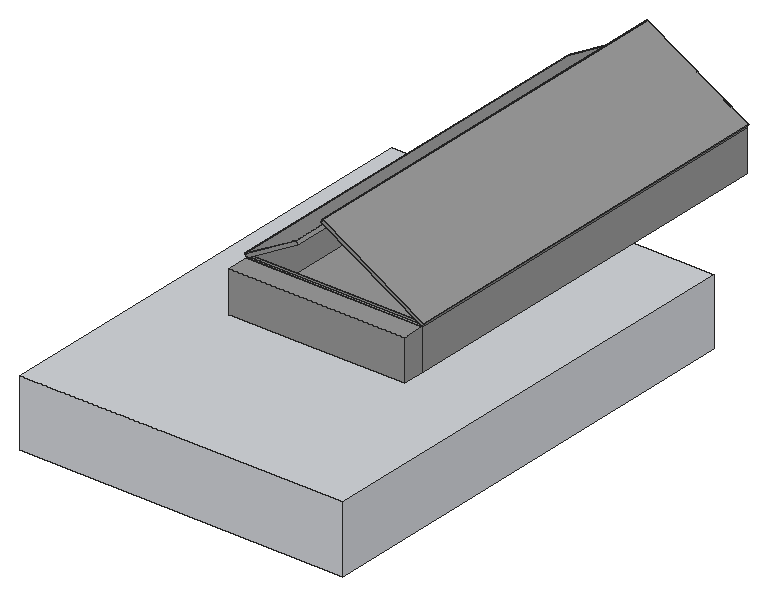
Revit family "Hager-Univers-IP54-D205-H1950-Cl.I-Encl-CH-it", category Equipement électrique, Revit 2020
Family settings
  Hôte = Face
  Configuration du panneau = Deux colonnes, circuits au sein
  Cote de connecteur circulaire = Utiliser le diamètre
  Type d'élément = Tableau de raccordement
  Couper avec des vides une fois chargée = Non
  Partagée = Non
  Point de calcul de pièce = Non
Parameters (values of type "montaggio a pavimento IP54 L800 A1950 P205  - FP23TW2")
  Width Control [instance] = if([EF000008 - Larghezza] > Min Width, [EF000008 - Larghezza], Min Width)  # 800 mm
  Commentaires du type = [HG000003 - Gamma]  # "Univers"
  Thickness Door [instance] = if([EF009171 - spessore materiale porta/coperchio] > 3 mm, 3 mm, [EF009171 - spessore materiale porta/coperchio])  # 1 mm
  Seal Frame Offset [instance] = 17 mm  # constant formula
  Plinth Visibility [instance] = [HG000027 - Altezza dello zoccolo] > 0 mm  # yes
  Model = ""
  Min Width [instance] = 100 mm  # constant formula
  Min Height [instance] = 100 mm  # constant formula
  Min Depth [instance] = (2 * [EF009170 - spessore materiale scatola]) + 1 mm  # 3 mm
  Internal Frame Depth [instance] = (Door System Depth * 0.5)  # 9 mm
  Height Control [instance] = if([EF000040 - Altezza] > Min Height, [EF000040 - Altezza], Min Height)  # 1950 mm
  HG000027 - Altezza dello zoccolo = 100 mm
  HG000026 - A pavimento = yes
  HG000024 - Altezza della sezione inferiore = 800 mm
  HG000023 - Custodia a doppia sezione = no
  HG000016 - Visibilità delle porte nella vista 3D [instance] = yes
  HG000015 - Visibilità attraverso la porta [instance] = no
  HG000014 - Porta destra [instance] = yes
  HG000013 - Porta sinistra [instance] = not([HG000014 - Porta destra])  # no
  HG000012 - Angolo di apertura della porta [instance] = 30.00°
  HG000010 - Porte asimmetriche = yes
  HG000009 - Porta doppia a battente = yes
  HG000006 - Ad incasso = no
  HG000004 - Codice produttore = "FP23TW2"
  HG000003 - Gamma = "Univers"
  HG000002 - Con porta = yes
  Frame Offset Bottom [instance] = 10 mm  # constant formula
  Frame Offset [instance] = 15 mm  # constant formula
  EF015940 - Coprire con rilascio di sovrapressione = no
  EF011959 - tipo di protezione (NEMA) = ""
  EF009554 - numero delle aperture per la piastra della flangia = 6
  Fabricant = "Hager"  # constant formula
  EF009212 - esecuzione coperchio = "EV000116 - chiuso"
  EF009171 - spessore materiale porta/coperchio = 1 mm
  EF009170 - spessore materiale scatola = 1 mm
  EF008873 - corrente nominale (In) = 400 A
  EF007800 - adatto per parafulmine = no
  EF006306 - con serratura = no
  EF006244 - coperchio/porta trasparente = no
  EF005474 - grado di protezione (IP) = "EV006419 - IP54"
  EF004464 - tipo di porta = "EV002646 - singolo"
  EF004427 - numero di moduli = 432
  EF004293 - resistenza agli urti = "EV006815 - IK09"
  EF003532 - adatto per uso esterno = no
  EF002950 - Numero moduli DIN = 36
  EF001613 - Integrità del circuito = "EV000494 - senza"
  EF001596 - Attacco Lampada = "EV000179 - acciaio"
  EF001131 - profondità interna = 205 mm
  EF001088 - possibilità di applicazione = yes
  EF000437 - numero di ingressi per conduttori = 6
  EF000339 - tipo di copertura = "EV001012 - coperchio"
  EF000266 - numero di file = 12
  EF000218 - profondità di incasso = 0 mm
  EF000118 - con piastra di montaggio = no
  EF000116 - numero RAL = "9010"
  EF000049 - profondità = 205 mm
  EF000040 - Altezza = 1950 mm
  EF000008 - Larghezza = 800 mm
  EF000007 - colore = "EV000202 - bianco"
  EF000003 - Tipo di montaggio = "EV012274 - montaggio a pavimento"
  Door System Leaf Tolerance [instance] = 1.5 mm  # constant formula
  Door System Depth [instance] = 18 mm  # constant formula
  Door Height [instance] = Height Control - [HG000027 - Altezza dello zoccolo]  # 1850 mm
  Depth Control [instance] = if([EF000049 - profondità] > Min Depth, [EF000049 - profondità], Min Depth)  # 205 mm
  Default Elevation = 0 mm
  Connector Offset [instance] = Height Control / 2  # 975 mm
  Bottom Top Plate Trim [instance] = 1.5 mm  # constant formula
  Plinth height Ctrl [instance] = if([HG000027 - Altezza dello zoccolo] > 0 mm, [HG000027 - Altezza dello zoccolo], 12 mm)  # 100 mm
Types (4, lengths in mm): name | Width Control | HG000010 - Porte asimmetriche | HG000009 - Porta doppia a battente | HG000004 - Codice produttore | EF009554 - numero delle aperture per la piastra della flangia | EF008873 - corrente nominale (In) | EF004464 - tipo di porta | EF004427 - numero di moduli | EF002950 - Numero moduli DIN | EF000437 - numero di ingressi per conduttori | EF000008 - Larghezza
  montaggio a pavimento IP54 L1300 A1950 P205  - FP25TW2 | 1300 | yes | yes | "FP25TW2" | 10 | 400 A | "EV003602 - doppio" | 720 | 60 | 10 | 1300
  montaggio a pavimento IP54 L300 A1950 P205  - FP21TW2 | 300 | no | no | "FP21TW2" | 2 | 250 A | "EV002646 - singolo" | 144 | 12 | 2 | 300
  montaggio a pavimento IP54 L550 A1950 P205  - FP22TW2 | 550 | no | no | "FP22TW2" | 4 | 400 A | "EV002646 - singolo" | 288 | 24 | 4 | 550
  montaggio a pavimento IP54 L800 A1950 P205  - FP23TW2 | 800 | yes | yes | "FP23TW2" | 6 | 400 A | "EV002646 - singolo" | 432 | 36 | 6 | 800
Reference planes
  plane 1 "Center (Front/Back)": y = 0
  plane 2: z = 0
  plane 3 "Center (Left/Right)": x = 0
  plane 4: z = 205
  plane 5: y = 101
  plane 6: y = 1025
  plane 7: y = 100
  plane 8: y = 1950
  plane 9: z = 0
  plane 10: x = -385
  plane 11: x = 385
  plane 12: x = 384
  plane 13: x = -384
  plane 14: y = 1949
  plane 15: x = -383
  plane 16: x = -400
  plane 17: x = 383
  plane 18: x = 400
  plane 19: x = 399
  plane 20: x = -399
  plane 21: y = 111
  plane 22: y = 1950
  plane 23: y = 1934
  plane 24: z = 187
  plane 25: z = 1
  plane 26: z = 186
  plane 27: z = 204
Forms (mm)
  Extrusion 1, solid
    sketch origin (0, 0, 0) x (1, 0, 0) y (0, 1, 0)
      loop
        line (-702.964, 1305) -> (-702.964, -811.445) -> (766.763, -811.445) -> (766.763, 1305) -> (-702.964, 1305)
    from 0 to -304.8
  Extrusion 2, solid, material "Hager_Steel_RAL7035_Light_Grey", visible <- "Plinth Visibility", detail levels medium+fine
    sketch origin (0, 0, 0) x (1, 0, 0) y (0, 1, 0)
      loop
        line (-400, 0) -> (400, 0) -> (400, 100) -> (-400, 100) -> (-400, 0)
    from 0 to 187
  Extrusion 3, solid, material "Hager_Steel_RAL7035_Light_Grey", detail levels medium+fine
    sketch origin (0, 0, 0) x (1, 0, 0) y (0, 1, 0)
      loop
        line (-400, 100) -> (400, 100) -> (400, 1950) -> (-400, 1950) -> (-400, 100)
    from 0 to 187
  Extrusion 4, void
    sketch origin (0, 0, 0) x (1, 0, 0) y (0, 1, 0)
      loop
        line (-399, 101) -> (399, 101) -> (399, 1949) -> (-399, 1949) -> (-399, 101)
    from 1 to 186
  Extrusion 5, void
    sketch origin (-381.607, -4572, 187) x (0, -1, 0) y (-1, 0, 0)
      loop
        line (-4683, 2.393) -> (-6506, 2.393) -> (-6506, -765.607) -> (-4683, -765.607) -> (-4683, 2.393)
    from 0 to 1 <- "EF009170 - spessore materiale scatola"
  Extrusion 6, solid, material "Hager_Steel_RAL7035_Light_Grey", detail levels fine
    sketch origin (0, 0, 187) x (1, 0, 0) y (0, 1, 0)
      loop
        line (-384, 1934) -> (-384, 111) -> (384, 111) -> (384, 1934) -> (-384, 1934)
      loop
        line (-385, 110) -> (385, 110) -> (385, 1935) -> (-385, 1935) -> (-385, 110)
    from 0 to 9 <- "Internal Frame Depth"
  Extrusion 7, solid, material "Hager_Steel_RAL7035_Light_Grey", detail levels coarse
    sketch origin (0, 0, 0) x (1, 0, 0) y (0, 1, 0)
      loop
        line (-400, 0) -> (400, 0) -> (400, 1950) -> (-400, 1950) -> (-400, 0)
    from 0 to 205
  Sweep 8, void
    path in 3D
      loop
        line (-400, 100, 0) -> (400, 100, 0) -> (400, 100, 187) -> (-400, 100, 187) -> (-400, 100, 0)
    profile origin (-400, 100, 93.5) x (-1, 0, 0) y (0, -1, 0)
      loop
        line (0, 0) -> (0, 1.5) -> (-1.5, 1.5)
        arc (-1.5, 1.5) -> (-1.061, 0.439) -> (0, 0) r 1.5
Cuts and joins
  Extrusion 4, Extrusion 5 cuts Extrusion 3
  Sweep 8 cuts Extrusion 2
Lines and regions (mm)
  Masking region 1
    outline origin (0, 0, 0) x (1, 0, 0) y (0, 0, 1)
      loop
        line (-400, 205) -> (-400, 0) -> (400, 0) -> (400, 205) -> (-400, 205)
  Masking region 2, detail levels medium+fine
    outline origin (0, 140, 0) x (0, 1, 0) y (0, 0, 1)
      loop
        line (-40, 0) -> (1810, 0) -> (1810, 187) -> (-40, 187) -> (-40, 0)
  Masking region 3, not visible, detail levels medium+fine
    outline origin (0, 297.922, 0) x (0, 1, 0) y (0, 0, 1)
      loop
        line (738.578, 0) -> (778.578, 0) -> (778.578, 194)
        arc (778.578, 194) -> (775.649, 201.071) -> (768.578, 204) r 10
        line (768.578, 204) -> (738.578, 204) -> (738.578, 0)
  Masking region 4, detail levels coarse
    outline origin (0, 0, 180) x (0, 1, 0) y (0, 0, 1)
      loop
        line (0, -180) -> (1950, -180) -> (1950, 25) -> (0, 25) -> (0, -180)
  Masking region 5, visible <- "Plinth Visibility", detail levels medium+fine
    outline origin (0, 52.24, 12.345) x (0, 0, -1) y (0, 1, 0)
      loop
        line (10.845, 47.76) -> (-173.155, 47.76)
        arc (-173.155, 47.76) -> (-173.594, 46.699) -> (-174.655, 46.26) r 1.5
        line (-174.655, 46.26) -> (-174.655, -52.24) -> (12.345, -52.24) -> (12.345, 46.26)
        arc (12.345, 46.26) -> (11.285, 46.699) -> (10.845, 47.76) r 1.5
  Masking region 6, detail levels medium+fine
    outline origin (-381.607, -4572, 187) x (-1, 0, 0) y (0, -1, 0)
      loop
        line (18.393, -6522) -> (18.393, -4672) -> (-781.607, -4672) -> (-781.607, -6522) -> (18.393, -6522)
  Masking region 7, visible <- "Plinth Visibility", detail levels medium+fine
    outline origin (-381.607, -4727, 187) x (-1, 0, 0) y (0, -1, 0)
      loop
        arc (16.893, -4827) -> (17.332, -4825.939) -> (18.393, -4825.5) r 1.5
        line (18.393, -4825.5) -> (18.393, -4727) -> (-781.607, -4727) -> (-781.607, -4825.5)
        arc (-781.607, -4825.5) -> (-780.546, -4825.939) -> (-780.107, -4827) r 1.5
        line (-780.107, -4827) -> (16.893, -4827)
  Masking region 8, detail levels coarse
    outline origin (-442.548, -4669.526, 187) x (-1, 0, 0) y (0, -1, 0)
      loop
        line (-42.548, -6619.526) -> (-42.548, -4669.526) -> (-842.548, -4669.526) -> (-842.548, -6619.526) -> (-42.548, -6619.526)
  sketch lines
    curve 1: line (-400, 100, 187) -> (-400, 100, 0)
    curve 2: line (400, 100, 187) -> (-400, 100, 187)
    curve 3: line (400, 100, 187) -> (400, 100, 0)
    curve 4: line (-400, 100, 0) -> (400, 100, 0)
Dimensions and locks
  "Depth Control": plane 4 to Extrusion 1
  "HG000027 - Altezza dello zoccolo": plane 1 "Center (Front/Back)" to plane 7
  "EF009170 - spessore materiale scatola": plane 5 to plane 7
  locked: connector elem to plane 3 "Center (Left/Right)"
  equal spacing: plane 8, plane 6, plane 7
  locked: connector elem to plane 6
  "EF009170 - spessore materiale scatola": plane 8 to plane 14
  "EF009170 - spessore materiale scatola": plane 10 to plane 13
  "EF009170 - spessore materiale scatola": plane 12 to plane 11
  "Frame Offset": plane 20 to plane 13
  "Frame Offset": plane 12 to plane 19
  "EF009170 - spessore materiale scatola": plane 16 to plane 20
  "EF009170 - spessore materiale scatola": plane 19 to plane 18
  "Seal Frame Offset": plane 16 to plane 15
  "Seal Frame Offset": plane 17 to plane 18
  "Frame Offset Bottom": plane 21 to plane 5
  "Frame Offset": plane 14 to plane 23
  equal spacing: plane 16, plane 3 "Center (Left/Right)", plane 18
  "Width Control": plane 16 to plane 18
  "EF009170 - spessore materiale scatola": plane 4 to plane 27
  "EF009170 - spessore materiale scatola": plane 24 to plane 26
  "EF009170 - spessore materiale scatola": plane 25 to level
  "Door System Depth": plane 4 to plane 24
  "Height Control": plane 1 "Center (Front/Back)" to Extrusion 7 sketch curve
  "Height Control": Masking region 4 sketch curve to plane 1 "Center (Front/Back)"
  "Height Control": plane 1 "Center (Front/Back)" to plane 22
  "Bottom Top Plate Trim": profile plane to Sweep 8 sketch curve
  "Bottom Top Plate Trim": Sweep 8 sketch curve to profile plane
  "Plinth height Ctrl": plane 1 "Center (Front/Back)" to Extrusion 2 sketch curve
  "Plinth height Ctrl": Masking region 5 sketch curve to plane 1 "Center (Front/Back)"
  "Plinth height Ctrl": plane 1 "Center (Front/Back)" to Masking region 7 sketch curve
  "Thickness Door": Extrusion 6 sketch curve to Extrusion 6 sketch curve  (x3)
  "Thickness Door": cut or joined group of Extrusion 3, Extrusion 4, Extrusion 5 to Extrusion 6 sketch curve
  radius of Masking region 3 sketch curve = 10 mm
  "Bottom Top Plate Trim": radius of Masking region 5 sketch curve  (x2)
  "Bottom Top Plate Trim": radius of Sweep 8 sketch curve
  "Bottom Top Plate Trim": radius of Masking region 7 sketch curve  (x2)
  aligned and locked: plane 2 to Extrusion 1
  aligned and locked: level to Extrusion 1
  aligned and locked: level to Masking region 1 sketch curve
  aligned and locked: Masking region 1 sketch curve to plane 18
  aligned and locked: Masking region 1 sketch curve to plane 16
  aligned and locked: plane 7 to Masking region 2 sketch curve
  aligned and locked: level to Masking region 3 sketch curve
  aligned and locked: Masking region 3 sketch curve to plane 27
  aligned and locked: level to Masking region 2 sketch curve
  aligned and locked: plane 1 "Center (Front/Back)" to Extrusion 2 sketch curve
  aligned and locked: Extrusion 3 sketch curve to plane 7
  aligned and locked: plane 16 to Extrusion 3 sketch curve
  aligned and locked: plane 18 to Extrusion 3 sketch curve
  aligned and locked: plane 20 to Extrusion 4 sketch curve
  aligned and locked: plane 19 to Extrusion 4 sketch curve
  aligned and locked: Extrusion 4 sketch curve to plane 5
  aligned and locked: Extrusion 4 to plane 25
  aligned and locked: plane 26 to Extrusion 4
  aligned and locked: plane 24 to Extrusion 3
  aligned and locked: Extrusion 5 sketch curve to plane 21
  aligned and locked: Extrusion 5 sketch curve to plane 13
  aligned and locked: Extrusion 5 sketch curve to plane 12
  aligned and locked: plane 18 to Extrusion 7 sketch curve
  aligned and locked: plane 1 "Center (Front/Back)" to Extrusion 7 sketch curve
  aligned and locked: plane 16 to Extrusion 7 sketch curve
  aligned and locked: plane 4 to Extrusion 7
  aligned and locked: Extrusion 7 to level
  aligned and locked: level to Masking region 4 sketch curve
  aligned and locked: Masking region 4 sketch curve to plane 1 "Center (Front/Back)"
  aligned and locked: Masking region 4 sketch curve to plane 4
  aligned and locked: nested 1 to level
  aligned and locked: nested 1 to plane 16
  aligned and locked: plane 8 to Extrusion 3 sketch curve
  aligned and locked: plane 23 to Extrusion 5 sketch curve
  aligned and locked: plane 14 to Extrusion 4 sketch curve
  aligned and locked: Masking region 2 sketch curve to plane 8
  aligned and locked: level to Masking region 5 sketch curve
  aligned and locked: plane 16 to Extrusion 2 sketch curve
  aligned and locked: plane 18 to Extrusion 2 sketch curve
  aligned and locked: Masking region 5 sketch curve to plane 24
  aligned and locked: Masking region 2 sketch curve to plane 24
  aligned and locked: plane 24 to Extrusion 2
  aligned and locked: profile plane to Sweep 8 sketch curve  (x2)
  aligned and locked: Masking region 6 sketch curve to plane 18
  aligned and locked: Masking region 6 sketch curve to plane 22
  aligned and locked: Masking region 6 sketch curve to plane 16
  aligned and locked: plane 8 to plane 22
  aligned and locked: Masking region 6 sketch curve to plane 7
  aligned and locked: Masking region 7 sketch curve to plane 16
  aligned and locked: Masking region 7 sketch curve to plane 1 "Center (Front/Back)"
  aligned and locked: Masking region 7 sketch curve to plane 18
  aligned and locked: Masking region 8 sketch curve to plane 1 "Center (Front/Back)"
  aligned and locked: Masking region 8 sketch curve to plane 18
  aligned and locked: Masking region 8 sketch curve to plane 22
  aligned and locked: Masking region 8 sketch curve to plane 16
  aligned and locked: nested 2 to plane 7
  aligned and locked: plane 3 "Center (Left/Right)" to nested 2
  aligned and locked: nested 2 to plane 24
  aligned and locked: Extrusion 6 sketch curve to cut or joined group of Extrusion 3, Extrusion 4, Extrusion 5  (x4)
Automatic sketch dimensions
  Extrusion 1 sketch curve to Extrusion 1 sketch curve = 1469.727 mm
  Extrusion 1 sketch curve to Extrusion 1 sketch curve = 2116.445 mm
  Masking region 1 sketch curve to plane 4 = 0 mm
  plane 6 to Masking region 3 sketch curve = 11.5 mm
  Masking region 3 sketch curve to Masking region 3 sketch curve = 30 mm
  Masking region 5 sketch curve to plane 1 "Center (Front/Back)" = 0 mm
Nested families
  nested 1: "Hager_Enclosure_Symbol" at (-400, 0, 0) x (1, 0, 0) z (0, -1, 0), Height <- "Depth Control", Width <- "Width Control", type "Hager_Enclosure_Symbol"
    with Width_Ctrl 800 mm, Width 800 mm, Height_Ctrl 205 mm, Height 205 mm, A_Width_Int 13.453 mm, A_Width 161.438 mm, A_Height_Ctrl 179.375 mm, A_Height 179.375 mm
  nested 2: "EC000058_Univers_Door" at (0, 100, 187) x (1, 0, 0) z (0, 1, 0), Leaf_Tolerance <- "Door System Leaf Tolerance", Angle <- "HG000012 - Angolo di apertura della porta", Door_Depth <- "Door System Depth", Door_Left <- "HG000013 - Porta sinistra", Transparent <- "EF006244 - coperchio/porta trasparente", Assymetrical <- "HG000010 - Porte asimmetriche", Width <- "Width Control", Clearance <- "HG000015 - Visibilità attraverso la porta", Double <- "HG000009 - Porta doppia a battente", 3d_Door <- "HG000016 - Visibilità delle porte nella vista 3D", Lock_Visibility <- "EF006306 - con serratura", Width_Ctrl <- "Width Control", Door_Right <- "HG000014 - Porta destra", Door <- "HG000002 - Con porta", Height <- "Door Height", Thickness <- "Thickness Door", type "EC000058_Univers_Door", detail levels medium+fine
    with min_wh 3 mm, Width_Ctrl 800 mm, Width 800 mm, Transparent no, Thickness 1 mm, Seal_Material Hager_Rubber, Lock_Visibility no, Lock_Material Hager_Plastic_RAL9005_Jet_Black, Leaf_Width 800 mm, Leaf_Tolerance_External_Sides 0 mm, Leaf_Tolerance 1.5 mm, Leaf_Offset 0 mm, Leaf_Height 1847 mm, Leaf_2_Width 532.583 mm, Leaf_2_Offset 266.292 mm, Leaf_1_Width 265.917 mm, Leaf_1_Offset 132.958 mm, Height_Ctrl 1850 mm, Height 1850 mm, Glass_Material Hager_Glass, Double_Clearance_Ctrl no, Double yes, Door_Right_Ctrl yes, Door_Right yes, Door_Material Hager_Steel_RAL7035_Light_Grey, Door_Left_Ctrl yes, Door_Left no, Door_Depth 18 mm, Door yes, Clearance_Material Hager_Clearance, Clearance_Depth 532.583 mm, Clearance_Ctrl no, Clearance no, Assymetrical yes, Angle 30.00°, 3d_Door yes
Connectors
  electrical at (0, 1025, 0)
    settings: on plane 9, index 1, voltage 0 V, apparent load 0 VA, apparent load phase1 0 VA, apparent load phase2 0 VA, apparent load phase3 0 VA, power factor 1, load classification "Other", number of poles 1, system type 30, power factor state 1, is connector primary yes, connector utility no, sub classification motor no, connector description ""
Definition of nested family "EC000058_Univers_Door"
  Parameters (values of type "EC000058_Univers_Door")
    min_wh [instance] = (2 * Thickness) + 1 mm  # 11 mm
    Width_Ctrl [instance] = 400 mm
    Width [instance] = 500 mm
    Transparent [instance] = yes
    Thickness [instance] = 5 mm
    Seal_Material [instance] = none
    Lock_Visibility [instance] = yes
    Lock_Material [instance] = none
    Leaf_Width [instance] = if((Width_Ctrl - 2 * Leaf_Tolerance_External_Sides) > 0 mm, (Width_Ctrl - 2 * Leaf_Tolerance_External_Sides), min_wh)  # 400 mm
    Leaf_Tolerance_External_Sides [instance] = 0 mm  # constant formula
    Leaf_Tolerance [instance] = 1.5 mm
    Leaf_Offset [instance] = 0 mm  # constant formula
    Leaf_Height [instance] = if((Height_Ctrl - 2 * Leaf_Tolerance) > 0 mm, (Height_Ctrl - 2 * Leaf_Tolerance), min_wh)  # 497 mm
    Leaf_2_Width [instance] = if(and(and(Double, Assymetrical), Door_Left), (Leaf_Width / 3) - (Leaf_Tolerance / 2), if(and(and(Double, Assymetrical), Door_Right), (Leaf_Width / 3) * 2 - (Leaf_Tolerance / 2), if(and(Double, not(Assymetrical)), (Leaf_Width / 2) - Leaf_Tolerance, Leaf_Width)))  # 400 mm
    Leaf_2_Offset [instance] = if(and(Double, Assymetrical), Leaf_2_Width / 2, if(and(Double, not(Assymetrical)), Leaf_Width / 4, Leaf_Width / 2))  # 200 mm
    Leaf_1_Width [instance] = if(and(and(Double, Assymetrical), Door_Right), (Leaf_Width / 3) - (Leaf_Tolerance / 2), if(and(and(Double, Assymetrical), Door_Left), (Width / 3) * 2 - (Leaf_Tolerance / 2), if(and(Double, not(Assymetrical)), (Leaf_Width / 2) - Leaf_Tolerance, Leaf_Width)))  # 400 mm
    Leaf_1_Offset [instance] = if(and(Double, Assymetrical), Leaf_1_Width / 2, if(and(Double, not(Assymetrical)), Leaf_Width / 4, Leaf_Width / 2))  # 200 mm
    Height_Ctrl [instance] = if(Height > min_wh, Height, min_wh)  # 500 mm
    Height [instance] = 500 mm
    Glass_Material [instance] = none
    Double_Clearance_Ctrl [instance] = and(Double, Clearance)  # no
    Double [instance] = no
    Door_Right_Ctrl [instance] = and(or(Door_Right, Double), Door)  # yes
    Door_Right [instance] = yes
    Door_Material [instance] = none
    Door_Left_Ctrl [instance] = and(or(Door_Left, Double), Door)  # no
    Door_Left [instance] = no
    Door_Depth [instance] = 30 mm
    Door [instance] = yes
    Default Elevation = 1219.2 mm
    Clearance_Material [instance] = none
    Clearance_Depth [instance] = if(Leaf_1_Width > Leaf_2_Width, Leaf_1_Width, Leaf_2_Width)  # 400 mm
    Clearance_Ctrl [instance] = and(not(Double), Clearance)  # yes
    Clearance [instance] = yes
    Assymetrical [instance] = yes
    Angle [instance] = 30.00°
    3d_Door [instance] = yes
  Reference planes
    plane 1 "Center (Front/Back)": y = 0
    plane 2 "Bottom": z = 0
    plane 3 "Center (Left/Right)": x = 0
    plane 4: z = 500
    plane 5: x = -200
    plane 6: x = 200
    plane 7: z = 500
    plane 8: x = -200
    plane 9: z = 0
    plane 10: x = 200
    plane 11: y = 0
    plane 12: z = 1.5
    plane 13: x = -600
    plane 14: y = -400
    plane 15: x = 600
    plane 16: x = 0
    plane 17: x = 0
    plane 18: x = -200
    plane 19: x = 200
    plane 20: z = 498.5
  Forms (mm)
    Extrusion 1, solid, material <- "Clearance_Material", visible <- "Double_Clearance_Ctrl"
      sketch origin (1200, 0, 0) x (1, 0, 0) y (0, 0, -1)
        loop
          line (-1800, -498.5) -> (-600, -498.5) -> (-600, 0) -> (-1800, 0) -> (-1800, -498.5)
      from 0 to -400
  Dimensions and locks
    equal spacing: plane 5, plane 3 "Center (Left/Right)", plane 6
    "Width_Ctrl": plane 5 to plane 6
    "Leaf_Offset": plane 5 to plane 8
    "Leaf_Offset": plane 6 to plane 10
    "Leaf_Offset": plane 9 to level
    "Leaf_Offset": plane 4 to plane 7
    "Height_Ctrl": plane 4 to level
    "Leaf_Tolerance": plane 12 to plane 9
    locked: plane 11 to plane 1 "Center (Front/Back)"
    "Leaf_1_Offset": plane 18 to plane 16
    "Leaf_2_Offset": plane 17 to plane 19
    "Leaf_1_Width": plane 13 to plane 8
    "Leaf_2_Width": plane 10 to plane 15
    "Clearance_Depth": plane 14 to plane 1 "Center (Front/Back)"
    "Leaf_Tolerance_External_Sides": plane 8 to plane 18
    "Leaf_Tolerance_External_Sides": plane 19 to plane 10
    "Leaf_Tolerance": plane 7 to plane 20
    aligned and locked: level to plane 2 "Bottom"
    aligned and locked: nested 1 to plane 16
    aligned and locked: nested 2 to plane 17
    aligned and locked: Extrusion 1 to plane 13
    aligned and locked: plane 15 to Extrusion 1
    aligned and locked: Extrusion 1 to plane 14
    aligned and locked: plane 12 to nested 1
    aligned and locked: nested 2 to plane 12
    aligned and locked: Extrusion 1 to plane 11
    aligned and locked: plane 20 to Extrusion 1
    aligned and locked: nested 2 to plane 11
    aligned and locked: nested 1 to plane 11
  Automatic sketch dimensions
    Extrusion 1 sketch curve to level = 0 mm
    plane 5 to Extrusion 1 sketch curve = 400 mm
    plane 6 to Extrusion 1 sketch curve = 400 mm
    Extrusion 1 sketch curve to plane 4 = 1.5 mm
  Nested families
    nested 1: "EC000058_Univers_Door_Leaf" at (0, 0, 1.5), Width <- "Leaf_1_Width", visible <- "Door_Left_Ctrl", Leaf_Height <- "Leaf_Height", Angle <- "Angle", 3d_Door <- "3d_Door", Transparent <- "Transparent", Clearance Material <- "Clearance_Material", Clearance <- "Clearance_Ctrl", Door_Material <- "Door_Material", Glass_Material <- "Glass_Material", Door_Depth <- "Door_Depth", Lock_Material <- "Lock_Material", Seal_Material <- "Seal_Material", Lock_Visibility <- "Lock_Visibility", Thickness <- "Thickness", type "EC000058_Univers_Door_Leaf"
      with Width 400 mm, Transparent_Glass_Offset 30 mm, Transparent_Ctrl yes, Transparent yes, Thickness 5 mm, Standard no, Seal_Material none, Seal_D2 8 mm, Seal_D1 1 mm, Offset_Internal_Frame 10 mm, Lock_Width 20 mm, Lock_Visibility_3d yes, Lock_Visibility yes, Lock_Thickness_3 3 mm, Lock_Thickness_2 1 mm, Lock_Thickness_1 3 mm, Lock_Radius_Offset_2 16 mm, Lock_Radius_Offset_1 15 mm, Lock_Radius_2 5 mm, Lock_Radius 6 mm, Lock_Offset 5 mm, Lock_Material none, Lock_Height 80 mm, Lock_Cover_Top_Offset_2d 17 mm, Lock_Cover_Height -65 mm, Leaf_Height 497 mm, Internal_Seal_Thickness 8 mm, Internal_Seal_Depth_2 4.5 mm, Internal_Frame_Depth 25 mm, Glass_Thickness -1 mm, Glass_Offset -2 mm, Glass_Material none, Door_Material none, Door_Depth 30 mm, Clearance Material none, Clearance yes, Angle_Ctrl 30.00°, Angle 30.00°, 3d_Door yes
    nested 2: "EC000058_Univers_Door_Leaf" at (0, 0, 1.5) x (-1, 0, 0) z (0, 0, 1), Width <- "Leaf_2_Width", visible <- "Door_Right_Ctrl", Leaf_Height <- "Leaf_Height", Angle <- "Angle", 3d_Door <- "3d_Door", Transparent <- "Transparent", Clearance Material <- "Clearance_Material", Clearance <- "Clearance_Ctrl", Door_Material <- "Door_Material", Glass_Material <- "Glass_Material", Door_Depth <- "Door_Depth", Lock_Material <- "Lock_Material", Seal_Material <- "Seal_Material", Lock_Visibility <- "Lock_Visibility", Thickness <- "Thickness", type "EC000058_Univers_Door_Leaf"
      with Width 400 mm, Transparent_Glass_Offset 30 mm, Transparent_Ctrl yes, Transparent yes, Thickness 5 mm, Standard no, Seal_Material none, Seal_D2 8 mm, Seal_D1 1 mm, Offset_Internal_Frame 10 mm, Lock_Width 20 mm, Lock_Visibility_3d yes, Lock_Visibility yes, Lock_Thickness_3 3 mm, Lock_Thickness_2 1 mm, Lock_Thickness_1 3 mm, Lock_Radius_Offset_2 16 mm, Lock_Radius_Offset_1 15 mm, Lock_Radius_2 5 mm, Lock_Radius 6 mm, Lock_Offset 5 mm, Lock_Material none, Lock_Height 80 mm, Lock_Cover_Top_Offset_2d 17 mm, Lock_Cover_Height -65 mm, Leaf_Height 497 mm, Internal_Seal_Thickness 8 mm, Internal_Seal_Depth_2 4.5 mm, Internal_Frame_Depth 25 mm, Glass_Thickness -1 mm, Glass_Offset -2 mm, Glass_Material none, Door_Material none, Door_Depth 30 mm, Clearance Material none, Clearance yes, Angle_Ctrl 30.00°, Angle 30.00°, 3d_Door yes
  Definition of nested family "EC000058_Univers_Door_Leaf"
    Parameters (values of type "EC000058_Univers_Door_Leaf")
      Width [instance] = 2000 mm
      Transparent_Glass_Offset [instance] = 30 mm
      Transparent_Ctrl [instance] = and(Transparent, [3d_Door])  # yes
      Transparent [instance] = yes
      Thickness [instance] = 5 mm
      Standard [instance] = and(not(Transparent), [3d_Door])  # no
      Seal_Material [instance] = none
      Seal_D2 [instance] = 8 mm  # constant formula
      Seal_D1 [instance] = 1 mm  # constant formula
      Offset_Internal_Frame [instance] = 10 mm  # constant formula
      Lock_Width [instance] = 20 mm  # constant formula
      Lock_Visibility_3d [instance] = and(Lock_Visibility, [3d_Door])  # yes
      Lock_Visibility [instance] = yes
      Lock_Thickness_3 [instance] = 3 mm  # constant formula
      Lock_Thickness_2 [instance] = 1 mm  # constant formula
      Lock_Thickness_1 [instance] = 3 mm  # constant formula
      Lock_Radius_Offset_2 [instance] = Lock_Radius_Offset_1 + 1 mm  # 16 mm
      Lock_Radius_Offset_1 [instance] = 15 mm  # constant formula
      Lock_Radius_2 [instance] = Lock_Radius - 1 mm  # 5 mm
      Lock_Radius [instance] = 6 mm  # constant formula
      Lock_Offset [instance] = 5 mm  # constant formula
      Lock_Material [instance] = none
      Lock_Height [instance] = 80 mm  # constant formula
      Lock_Cover_Top_Offset_2d [instance] = Lock_Radius_Offset_2 + 1 mm  # 17 mm
      Lock_Cover_Height [instance] = -(Lock_Height - Lock_Radius_Offset_1)  # -65 mm
      Leaf_Height [instance] = 2720.336 mm
      Internal_Seal_Thickness [instance] = 8 mm  # constant formula
      Internal_Seal_Depth_2 [instance] = 4.5 mm  # constant formula
      Internal_Frame_Depth [instance] = if(Door_Depth - Thickness > 5 mm, Door_Depth - Thickness, 5 mm)  # 25 mm
      Glass_Thickness [instance] = if(Thickness > 15 mm, Glass_Offset + 10 mm, -1 mm)  # -1 mm
      Glass_Offset [instance] = if(Thickness > 15 mm, -(Thickness + 10 mm) / 2, -2 mm)  # -2 mm
      Glass_Material [instance] = none
      Door_Material [instance] = none
      Door_Depth [instance] = 30 mm
      Default Elevation = 0 mm
      Clearance Material [instance] = none
      Clearance [instance] = yes
      Angle_Ctrl [instance] = if(Angle > 180.00°, 180.00°, Angle)  # 90.00°
      Angle [instance] = 90.00°
      3d_Door [instance] = yes
    Reference planes
      plane 1 "Center (Front/Back)": y = 0
      plane 2: z = 0
      plane 3 "Center (Left/Right)": x = 0
      plane 4: y = 2000
      plane 5: x = -1000
      plane 6: x = 1000
      plane 7: x = -3000
      plane 8: z = 2720.336
      plane 9: z = 30
      plane 10: z = 2690.336
      plane 11: x = 970
      plane 12: x = -970
      plane 13: y = -3
      plane 14: z = 107.833
      plane 15: y = -5
      plane 16: y = -223.314
      plane 17: x = -1000
      plane 18: z = 1360.168
      plane 19: y = 30
    Forms (mm)
      Extrusion 1, solid, material <- "Clearance Material", visible <- "Clearance"
        sketch origin (0, 0, 0) x (1, 0, 0) y (0, 0, 1)
          loop
            line (-3000, 2720.336) -> (-3000, 0) -> (1000, 0) -> (1000, 2720.336) -> (-3000, 2720.336)
        from 0 to -2000
      Extrusion 2, solid, material <- "Door_Material", visible <- "Standard", detail levels medium+fine
        sketch origin (-1000, 0, 0) x (0, 1, 0) y (-1, 0, 0)
          loop
            line (0, 30) -> (0, 25) -> (2000, 25) -> (2000, 30) -> (0, 30)
        from 0 to 2720.336 <- "Leaf_Height"
      Extrusion 3, solid, material <- "Door_Material", visible <- "Transparent_Ctrl", detail levels medium+fine
        sketch origin (-1000, 0, 0) x (0, 1, 0) y (-1, 0, 0)
          loop
            line (0, 25) -> (2000, 25) -> (2000, 30) -> (0, 30) -> (0, 25)
        from 0 to 2720.336 <- "Leaf_Height"
      Extrusion 4, void
        sketch origin (-1025, 2000, 0) x (0, 1, 0) y (0, 0, -1)
          loop
            line (-30, -2690.336) -> (-30, -30) -> (-1970, -30) -> (-1970, -2690.336) -> (-30, -2690.336)
        from 0 to 5 <- "Thickness"
      Sweep 5, solid, material <- "Seal_Material", visible <- "Transparent_Ctrl", detail levels fine
        path in 3D
          loop
            line (-1025, 30, 30) -> (-1025, 30, 2690.336) -> (-1025, 1970, 2690.336) -> (-1025, 1970, 30) -> (-1025, 30, 30)
        profile origin (-1025, 1000, 30) x (1, 0, 0) y (0, 0, 1)
          loop
            line (0, 0) -> (0, -8) -> (1, -8) -> (1, 0) -> (0, 0)
      Extrusion 6, solid, material <- "Glass_Material", visible <- "Transparent_Ctrl", detail levels medium+fine
        sketch origin (-1030, 0, 0) x (0, 1, 0) y (0, 0, -1)
          loop
            line (1970, -2690.336) -> (1970, -30) -> (30, -30) -> (30, -2690.336) -> (1970, -2690.336)
        from -2 <- "Glass_Offset" to -1 <- "Glass_Thickness"
      Extrusion 7, solid, material <- "Door_Material", visible <- "3d_Door", detail levels medium+fine
        sketch origin (-1025, 2000, 0) x (0, -1, 0) y (0, 0, -1)
          loop
            line (0, -2720.336) -> (2000, -2720.336) -> (2000, 0) -> (0, 0) -> (0, -2720.336)
          loop
            line (1995, -5) -> (5, -5) -> (5, -2715.336) -> (1995, -2715.336) -> (1995, -5)
        from 0 to 25 <- "Internal_Frame_Depth"
      Sweep 8, solid, material <- "Seal_Material", visible <- "Transparent_Ctrl", detail levels fine
        path in 3D
          loop
            line (-1025, 0, 0) -> (-1025, 2000, 0) -> (-1025, 2000, 2720.336) -> (-1025, 0, 2720.336) -> (-1025, 0, 0)
        profile origin (-1025, 0, 1360.168) x (1, 0, 0) y (0, 1, 0)
          loop
            line (0, 10) -> (2.975, 10)
            arc (2.975, 10) -> (4.053, 10.447) -> (4.5, 11.525) r 1.525
            line (4.5, 11.525) -> (4.5, 16.527)
            arc (4.5, 16.527) -> (4.069, 17.569) -> (3.027, 18) r 1.473
            line (3.027, 18) -> (0, 18) -> (0, 10)
      Extrusion 9, solid, material <- "Lock_Material", visible <- "Lock_Visibility_3d", detail levels fine
        sketch origin (-1030, 0, 0) x (0, 1, 0) y (0, 0, -1)
          loop
            arc (1993.5, -1400.168) -> (1994.561, -1399.729) -> (1995, -1398.668) r 1.5
            line (1995, -1398.668) -> (1995, -1320.168) -> (1975, -1320.168) -> (1975, -1398.668)
            arc (1975, -1398.668) -> (1975.439, -1399.729) -> (1976.5, -1400.168) r 1.5
            line (1976.5, -1400.168) -> (1993.5, -1400.168)
        from 3 <- "Lock_Thickness_1" to 0
      Blend 10, solid, material <- "Lock_Material", visible <- "Lock_Visibility_3d", detail levels fine
        base sketch origin (-1033, 0, 0) x (0, 1, 0) y (0, 0, -1)
          loop
            line (1975, -1320.168) -> (1975, -1398.668)
            arc (1975, -1398.668) -> (1975.439, -1399.729) -> (1976.5, -1400.168) r 1.5
            line (1976.5, -1400.168) -> (1993.5, -1400.168)
            arc (1993.5, -1400.168) -> (1994.561, -1399.729) -> (1995, -1398.668) r 1.5
            line (1995, -1398.668) -> (1995, -1320.168) -> (1975, -1320.168)
        top sketch origin (-1033, 0, 0) x (0, 1, 0) y (0, 0, -1)
          loop
            line (1976, -1320.168) -> (1976, -1398.668)
            arc (1976, -1398.668) -> (1976.146, -1399.022) -> (1976.5, -1399.168) r 0.5
            line (1976.5, -1399.168) -> (1993.5, -1399.168)
            arc (1993.5, -1399.168) -> (1993.854, -1399.022) -> (1994, -1398.668) r 0.5
            line (1994, -1398.668) -> (1994, -1320.168) -> (1976, -1320.168)
        from 0 to 1 <- "Lock_Thickness_2"
      Blend 11, solid, material <- "Lock_Material", visible <- "Lock_Visibility_3d", detail levels fine
        base sketch origin (-1034, 0, 0) x (0, 1, 0) y (0, 0, -1)
          loop
            line (1978, -1320.168) -> (1978, -1384.168)
            arc (1978, -1384.168) -> (1985, -1391.168) -> (1992, -1384.168) r 7
            line (1992, -1384.168) -> (1992, -1320.168) -> (1978, -1320.168)
        top sketch origin (-1034, 0, 0) x (0, 1, 0) y (0, 0, -1)
          loop
            line (1991, -1320.168) -> (1979, -1320.168) -> (1979, -1383.168)
            arc (1979, -1383.168) -> (1985, -1389.168) -> (1991, -1383.168) r 6
            line (1991, -1383.168) -> (1991, -1320.168)
        from 0 to 3 <- "Lock_Thickness_3"
      Extrusion 12, solid, material <- "Lock_Material", visible <- "Lock_Visibility_3d", detail levels fine
        sketch origin (-1030, 1975, 1320.168) x (1, 0, 0) y (0, -1, 0)
          loop
            line (-7, -19) -> (-7, -1) -> (0, -1) -> (0, 0) -> (-8, 0) -> (-8, -20) -> (0, -20) -> (0, -19) -> (-7, -19)
        from 0 to -65 <- "Lock_Cover_Height"
      Extrusion 13, void
        sketch origin (-1038, 1995, 1320.168) x (-1, 0, 0) y (0, 0, -1)
          loop
            line (-5, -65) -> (0, -65) -> (-5, -60) -> (-5, -65)
        from 0 to 20 <- "Lock_Width"
      Extrusion 14, void
        sketch origin (-1038, 1975, 1320.168) x (0, -1, 0) y (0, 0, -1)
          loop
            circle (-10, -15.995) r 6
          loop
            circle (-10, -15.995) r 5
        from 0 to 2
      Extrusion 15, solid, material <- "Lock_Material", visible <- "Lock_Visibility_3d", detail levels medium
        sketch origin (-1030, 0, 0) x (0, 1, 0) y (0, 0, -1)
          loop
            arc (1993.5, -1400.168) -> (1994.561, -1399.729) -> (1995, -1398.668) r 1.5
            line (1995, -1398.668) -> (1995, -1320.168) -> (1975, -1320.168) -> (1975, -1398.668)
            arc (1975, -1398.668) -> (1975.439, -1399.729) -> (1976.5, -1400.168) r 1.5
            line (1976.5, -1400.168) -> (1993.5, -1400.168)
        from 8 to 0
    Cuts and joins
      Extrusion 4 cuts Extrusion 3
      Extrusion 13, Extrusion 14 cuts Extrusion 9
      Extrusion 14 cuts Blend 11
      Extrusion 13, Extrusion 14 cuts Extrusion 12
      joined: Extrusion 9, Blend 10, Blend 11, Extrusion 12
      Extrusion 14 cuts Extrusion 15
    Lines and regions (mm)
      Masking region 1, visible <- "Lock_Visibility", detail levels fine
        outline origin (0, 0, 0) x (0, 1, 0) y (0, 0, 1)
          loop
            line (30, 1320.168) -> (33, 1320.168) -> (33, 1400.168) -> (30, 1400.168) -> (30, 1320.168)
      Masking region 2, visible <- "Lock_Visibility", detail levels fine
        outline origin (0, 3.143, 0) x (0, 1, 0) y (0, 0, 1)
          loop
            line (29.857, 1354.168) -> (30.857, 1354.168) -> (30.857, 1366.168) -> (29.857, 1366.168) -> (29.857, 1354.168)
      Masking region 3, detail levels medium+fine
        outline origin (0, 0, 0) x (0, 1, 0) y (0, 0, 1)
          loop
            line (0, 0) -> (30, 0) -> (30, 2720.336) -> (0, 2720.336) -> (0, 0)
      Masking region 4, detail levels medium+fine
        outline origin (0, 0, 0) x (1, 0, 0) y (0, 0, 1)
          loop
            line (-1000, 2720.336) -> (-1000, 0) -> (1000, 0) -> (1000, 2720.336) -> (-1000, 2720.336)
      Masking region 5, visible <- "Lock_Visibility", detail levels fine
        outline origin (-47.116, 0, 0) x (1, 0, 0) y (0, 0, 1)
          loop
            arc (1024.616, 1399.168) -> (1023.556, 1398.729) -> (1023.116, 1397.668) r 1.5
            line (1023.116, 1397.668) -> (1023.116, 1320.168) -> (1041.116, 1320.168) -> (1041.116, 1397.668)
            arc (1041.116, 1397.668) -> (1040.677, 1398.729) -> (1039.616, 1399.168) r 1.5
            line (1039.616, 1399.168) -> (1024.616, 1399.168)
      Masking region 6, visible <- "Lock_Visibility", detail levels medium+fine
        outline origin (-25, 0, 0) x (1, 0, 0) y (0, 0, 1)
          loop
            arc (1001.5, 1400.168) -> (1000.439, 1399.729) -> (1000, 1398.668) r 1.5
            line (1000, 1398.668) -> (1000, 1320.168) -> (1020, 1320.168) -> (1020, 1398.668)
            arc (1020, 1398.668) -> (1019.561, 1399.729) -> (1018.5, 1400.168) r 1.5
            line (1018.5, 1400.168) -> (1001.5, 1400.168)
      Masking region 7, visible <- "Lock_Visibility", detail levels fine
        outline origin (-73.735, 0, 0) x (1, 0, 0) y (0, 0, 1)
          loop
            line (1051.735, 1382.168) -> (1065.735, 1382.168) -> (1065.735, 1384.168)
            arc (1065.735, 1384.168) -> (1058.735, 1391.168) -> (1051.735, 1384.168) r 7
            line (1051.735, 1384.168) -> (1051.735, 1382.168)
      Masking region 8, visible <- "Lock_Visibility", detail levels fine
        outline origin (-73.735, 0, 0) x (1, 0, 0) y (0, 0, 1)
          loop
            line (1052.735, 1382.168) -> (1064.735, 1382.168) -> (1064.735, 1383.168)
            arc (1064.735, 1383.168) -> (1058.735, 1389.168) -> (1052.735, 1383.168) r 6
            line (1052.735, 1383.168) -> (1052.735, 1382.168)
      Masking region 9, visible <- "Lock_Visibility", detail levels fine
        outline origin (-25, 0, 0) x (1, 0, 0) y (0, 0, 1)
          loop
            line (1020, 1320.168) -> (1020, 1382.168) -> (1000, 1382.168) -> (1000, 1320.168) -> (1020, 1320.168)
      Masking region 10, detail levels medium+fine
        outline origin (0, 0, 0) x (1, 0, 0) y (0, 0, 1)
          loop
            circle (985, 1335.144) r 6
      Masking region 11, detail levels fine
        outline origin (0, 0, 0) x (1, 0, 0) y (0, 0, 1)
          loop
            circle (985, 1335.144) r 5
      Masking region 12, visible <- "Lock_Visibility", detail levels fine
        outline origin (0, 12.767, 0) x (0, 1, 0) y (0, 0, 1)
          loop
            line (20.233, 1320.168) -> (21.233, 1320.168) -> (21.233, 1399.168) -> (20.233, 1400.168) -> (20.233, 1320.168)
      Masking region 13, visible <- "Lock_Visibility", detail levels fine
        outline origin (0, 13.767, -10) x (0, 1, 0) y (0, 0, 1)
          loop
            line (20.233, 1330.168) -> (23.233, 1330.168) -> (23.233, 1399.168) -> (20.233, 1402.168) -> (20.233, 1330.168)
      Masking region 14, visible <- "Lock_Visibility", detail levels fine
        outline origin (0, 12.767, -10) x (0, 1, 0) y (0, 0, 1)
          loop
            line (20.233, 1330.168) -> (25.233, 1330.168) -> (25.233, 1399.305) -> (20.233, 1394.305) -> (20.233, 1330.168)
      Masking region 15, visible <- "Lock_Visibility", detail levels medium
        outline origin (0, 0, 0) x (0, 1, 0) y (0, 0, 1)
          loop
            line (30, 1320.168) -> (38, 1320.168) -> (38, 1400.168) -> (30, 1400.168) -> (30, 1320.168)
      Masking region 16, visible <- "Lock_Visibility", detail levels fine
        outline origin (-1000, 0, 0) x (0, 1, 0) y (-1, 0, 0)
          loop
            line (1975, 30) -> (1995, 30) -> (1995, 38) -> (1975, 38) -> (1975, 30)
          loop
            line (1979, 37) -> (1976, 37) -> (1976, 34) -> (1978, 34) -> (1979, 37)
          loop
            line (1994, 37) -> (1991, 37) -> (1992, 34) -> (1994, 34) -> (1994, 37)
      Masking region 17, visible <- "Lock_Visibility", detail levels medium
        outline origin (-1000, 0, 0) x (0, 1, 0) y (-1, 0, 0)
          loop
            line (1975, 30) -> (1995, 30) -> (1995, 38) -> (1975, 38) -> (1975, 30)
      symbolic lines
        curve 1: line (1000, 0, 0) -> (-3000, 0, 0)
        curve 2: arc (1000, 0, 0) -> (-1000, 2000, 0) -> (-3000, 0, 0) r 2000
        curve 4: line (-1030, 0, 0) -> (-1030, 2000, 0)
      reference lines
        curve 3: line (-1000, 0, 0) -> (-1000, 2000, 0)
      symbolic lines, detail levels medium+fine
        curve 5: line (-1030, 2000, 0) -> (-1025, 2000, 0)
        curve 7: line (-1025, 0, 0) -> (-1030, 0, 0)
        curve 8: line (-1025, 0, 0) -> (-1000, 0, 0)
        curve 9: line (-1000, 0, 0) -> (-1000, 2000, 0)
        curve 10: line (-1000, 2000, 0) -> (-1025, 2000, 0)
      symbolic lines, detail levels fine
        curve 6: line (-1025, 2000, 0) -> (-1025, 0, 0)
      sketch lines
        curve 11: line (-1025, 0, 2720.336) -> (-1025, 0, 0)
        curve 12: line (-1025, 2000, 0) -> (-1025, 0, 0)
        curve 13: line (-1025, 2000, 2720.336) -> (-1025, 2000, 0)
        curve 14: line (-1025, 0, 2720.336) -> (-1025, 2000, 2720.336)
        curve 15: line (-1025, 1970, 30) -> (-1025, 30, 30)
        curve 16: line (-1025, 30, 30) -> (-1025, 30, 2690.336)
        curve 17: line (-1025, 1970, 2690.336) -> (-1025, 1970, 30)
        curve 18: line (-1025, 30, 2690.336) -> (-1025, 1970, 2690.336)
      symbolic lines, visible <- "Transparent", detail levels medium+fine
        curve 19: line (-970, 0, 2690.336) -> (970, 0, 2690.336)
        curve 20: line (-970, 0, 30) -> (-970, 0, 2690.336)
        curve 21: line (970, 0, 30) -> (-970, 0, 30)
        curve 22: line (970, 0, 2690.336) -> (970, 0, 30)
    Dimensions and locks
      "Width": plane 1 "Center (Front/Back)" to plane 4
      equal spacing: plane 5, plane 3 "Center (Left/Right)", plane 6
      "Width": plane 5 to plane 6
      "Width": plane 7 to plane 5
      "Leaf_Height": plane 8 to level
      "Width": curve 5 to curve 3
      "Width": curve 3 to curve 3
      plane 8 to plane 10 = 30 mm
      plane 9 to level = 30 mm
      plane 12 to plane 5 = 30 mm
      plane 6 to plane 11 = 30 mm
      Extrusion 1 to Extrusion 4 sketch curve = 30 mm
      "Transparent_Glass_Offset": curve 3 to Extrusion 4 sketch curve
      "Transparent_Glass_Offset": Extrusion 4 sketch curve to cut or joined group of Extrusion 3, Extrusion 4  (x2)
      cut or joined group of Extrusion 3, Extrusion 4 to Extrusion 6 sketch curve = 30 mm
      "Transparent_Glass_Offset": cut or joined group of Extrusion 3, Extrusion 4 to Extrusion 4 sketch curve
      "Thickness": curve 6 to curve 4
      "Thickness": Extrusion 7 sketch curve to Extrusion 7 sketch curve  (x4)
      "Door_Depth": curve 4 to curve 3
      "Offset_Internal_Frame": profile plane to Sweep 8 sketch curve
      "Internal_Seal_Thickness": Sweep 8 sketch curve to Sweep 8 sketch curve
      "Internal_Seal_Depth_2": profile plane to Sweep 8 sketch curve
      "Seal_D1": profile plane to Sweep 5 sketch curve
      "Seal_D2": profile plane to Sweep 5 sketch curve
      "Thickness": Extrusion 2 sketch curve to Extrusion 2 sketch curve
      equal spacing: Extrusion 9 sketch curve, plane 18, Extrusion 9 sketch curve  (x2)
      equal spacing: Masking region 1 sketch curve, plane 18, Masking region 1 sketch curve
      "Lock_Height": Masking region 1 sketch curve to Masking region 1 sketch curve
      "Lock_Radius": Masking region 2 sketch curve to plane 18 to Masking region 2 sketch curve
      Masking region 2 sketch curve to Masking region 1 = 1 mm
      "Door_Depth": plane 19 to plane 1 "Center (Front/Back)"
      "Lock_Thickness_1": Masking region 1 sketch curve to plane 19
      "Lock_Width": Extrusion 9 sketch curve to Extrusion 9 sketch curve
      "Lock_Height": Extrusion 9 sketch curve to Extrusion 9 sketch curve
      "Lock_Offset": cut or joined group of Extrusion 3, Extrusion 4 to Extrusion 9 sketch curve
      equal spacing: plane 8, plane 18, level
      "Lock_Radius_Offset_1": Blend 11 sketch curve to Blend 10
      locked: Blend 10 to Blend 11 sketch curve at 2  (x2)
      locked: var sketch to Blend 11 sketch curve at 1  (x2)
      "Lock_Radius_Offset_2": Blend 11 sketch curve to Blend 10
      locked: Extrusion 12 sketch curve to Extrusion 12 sketch curve at 1  (x3)
      Masking region 6 sketch curve to Masking region 6 sketch curve = 80 mm
      "Lock_Height": Masking region 6 sketch curve to Masking region 6 sketch curve
      "Lock_Width": Masking region 6 sketch curve to Masking region 6 sketch curve
      locked: Masking region 6 to Masking region 5 sketch curve at 1  (x3)
      locked: Masking region 5 to Masking region 7 sketch curve at 2  (x2)
      "Lock_Radius_Offset_1": Masking region 5 to Masking region 7 sketch curve
      "Lock_Radius_Offset_2": Masking region 5 to Masking region 8 sketch curve
      locked: Masking region 7 to Masking region 8 sketch curve at 1  (x2)
      "Lock_Cover_Top_Offset_2d": Masking region 5 to Masking region 9 sketch curve
      equal spacing: Masking region 9, Masking region 10 sketch curve, Masking region 9
      equal spacing: Masking region 9, Masking region 11 sketch curve, Masking region 9
      Extrusion 15 sketch curve to Extrusion 15 sketch curve = 80 mm
      "Lock_Width": Extrusion 15 sketch curve to Extrusion 15 sketch curve
      "Lock_Height": Extrusion 15 sketch curve to Extrusion 15 sketch curve
      equal spacing: Extrusion 15 sketch curve, plane 18, Extrusion 15 sketch curve
      "Lock_Thickness_3": Masking region 13 sketch curve to Masking region 13 sketch curve
      "Lock_Height": Masking region 12 sketch curve to Masking region 12 sketch curve
      locked: Masking region 13 sketch curve to Masking region 1 at 8
      locked: Masking region 14 sketch curve to Masking region 13 at 1
      locked: Masking region 14 sketch curve to Masking region 1 at 10.863
      "Lock_Height": Masking region 15 sketch curve to Masking region 15 sketch curve
      "Lock_Offset": Extrusion 15 sketch curve to cut or joined group of Extrusion 3, Extrusion 4
      "Lock_Offset": plane 6 to Masking region 6 sketch curve
      radius of Sweep 8 sketch curve = 1.525 mm
      radius of Sweep 8 sketch curve = 1.473 mm
      radius of Extrusion 9 sketch curve = 1.5 mm  (x2)
      "Lock_Radius": radius of Extrusion 14 sketch curve
      "Lock_Radius_2": radius of Extrusion 14 sketch curve
      "Lock_Radius": radius of Masking region 10 sketch curve
      "Lock_Radius_2": radius of Masking region 11 sketch curve
      radius of Extrusion 15 sketch curve = 1.5 mm  (x2)
      "Angle_Ctrl": angle plane 1 "Center (Front/Back)" to curve 3
      locked: Masking region 12 sketch curve to Masking region 12 sketch curve (angle 45.00°)
      locked: Masking region 13 sketch curve to Masking region 13 sketch curve (angle 45.00°)
      locked: Masking region 14 sketch curve to Masking region 14 sketch curve (angle 45.00°)
      aligned and locked: level to plane 2
      aligned and locked: Extrusion 1 to curve 1
      aligned and locked: plane 6 to Extrusion 1
      aligned and locked: Extrusion 1 to plane 1 "Center (Front/Back)"
      aligned and locked: plane 4 to Extrusion 1
      aligned and locked: plane 8 to Extrusion 1
      aligned and locked: curve 7 to Extrusion 2 sketch curve
      aligned and locked: curve 5 to Extrusion 2 sketch curve
      aligned and locked: curve 7 to Extrusion 3 sketch curve
      aligned and locked: Extrusion 3 sketch curve to curve 4
      aligned and locked: Extrusion 3 sketch curve to curve 6
      aligned and locked: Extrusion 3 sketch curve to curve 5
      aligned and locked: curve 9 to curve 3
      aligned and locked: Extrusion 7 sketch curve to cut or joined group of Extrusion 3, Extrusion 4  (x4)
      aligned and locked: plane 17 to curve 3
      aligned and locked: plane 1 "Center (Front/Back)" to curve 3
      aligned and locked: plane 17 to plane 5
      aligned and locked: Sweep 8 sketch curve to profile plane
      aligned and locked: Sweep 5 sketch curve to profile plane  (x2)
      aligned and locked: Masking region 1 to Masking region 2 sketch curve
      aligned and locked: plane 19 to Masking region 1 sketch curve
      aligned and locked: plane 1 "Center (Front/Back)" to Masking region 3 sketch curve
      aligned and locked: plane 19 to Masking region 3 sketch curve
      aligned and locked: level to Masking region 3 sketch curve
      aligned and locked: Masking region 3 sketch curve to plane 8
      aligned and locked: plane 17 to Masking region 4 sketch curve
      aligned and locked: level to Masking region 4 sketch curve
      aligned and locked: Masking region 4 sketch curve to plane 8
      aligned and locked: plane 12 to curve 20
      aligned and locked: plane 10 to curve 19
      aligned and locked: plane 11 to curve 22
      aligned and locked: curve 21 to plane 9
      aligned and locked: Extrusion 2 sketch curve to cut or joined group of Extrusion 3, Extrusion 4
      aligned and locked: Blend 10 sketch curve to Extrusion 9  (x4)
      aligned and locked: Extrusion 9 to Blend 10 sketch curve
      aligned and locked: Blend 10 to Blend 11 sketch curve
      aligned and locked: Extrusion 12 sketch curve to Blend 11
      aligned and locked: Extrusion 12 sketch curve to Extrusion 9  (x4)
      aligned and locked: Masking region 5 sketch curve to Masking region 6
      aligned and locked: Masking region 9 sketch curve to Masking region 6  (x3)
      aligned and locked: Masking region 12 sketch curve to Masking region 1
      aligned and locked: Masking region 13 sketch curve to Masking region 1
      aligned and locked: Masking region 12 to Masking region 14
      aligned and locked: Masking region 14 sketch curve to Masking region 1
      aligned and locked: Masking region 15 sketch curve to Masking region 14
      aligned and locked: Masking region 13 sketch curve to Masking region 12
      aligned and locked: Masking region 16 sketch curve to cut or joined group of Extrusion 14, Extrusion 15  (x4)
      aligned and locked: Masking region 16 sketch curve to cut or joined group of Extrusion 9, Blend 10, Blend 11, Extrusion 12, Extrusion 13, Extrusion 14  (x6)
      aligned and locked: cut or joined group of Extrusion 9, Blend 10, Blend 11, Extrusion 12, Extrusion 13, Extrusion 14 to Masking region 16 sketch curve
      aligned and locked: Masking region 17 sketch curve to cut or joined group of Extrusion 14, Extrusion 15  (x3)
      aligned and locked: Masking region 17 sketch curve to cut or joined group of Extrusion 9, Blend 10, Blend 11, Extrusion 12, Extrusion 13, Extrusion 14
      aligned and locked: Masking region 9 to Masking region 8 sketch curve
      aligned and locked: Masking region 9 to Masking region 7 sketch curve
    Automatic sketch dimensions
      plane 1 "Center (Front/Back)" to curve 2 = 0 mm
      curve 2 to plane 5 = 0 mm
      Extrusion 1 sketch curve to level = 0 mm
      Extrusion 1 sketch curve to plane 7 = 0 mm
      Extrusion 1 sketch curve to plane 6 = 0 mm
      Extrusion 1 sketch curve to plane 8 = 0 mm
      Extrusion 3 to Extrusion 6 sketch curve = 30 mm  (x4)
      Masking region 4 sketch curve to plane 6 = 0 mm
      Blend 10 sketch curve to Extrusion 9 = 1.5 mm
      Blend 10 sketch curve to Extrusion 9 = 1 mm
      Extrusion 13 sketch curve to Extrusion 12 = 0 mm  (x2)
      Extrusion 12 to Extrusion 13 sketch curve = 3 mm
      Extrusion 13 sketch curve to Extrusion 12 = 5 mm
      Extrusion 14 sketch curve to Extrusion 14 sketch curve = 0 mm  (x2)
      Extrusion 14 sketch curve to Extrusion 12 = 10 mm
      Extrusion 14 sketch curve to Extrusion 12 = 15.995 mm
      Masking region 5 sketch curve to Masking region 5 sketch curve = 1.5 mm  (x2)
      Masking region 10 sketch curve to plane 18 = 25.024 mm
      Masking region 11 sketch curve to plane 18 = 25.024 mm
      plane 19 to Masking region 14 sketch curve = 3 mm
      Masking region 16 sketch curve to Masking region 16 sketch curve = 3 mm
      curve 4 to curve 3 = 0 mm
      Blend 10 to Blend 11 sketch curve = 0 mm
      Masking region 6 sketch curve to Masking region 6 sketch curve = 1.5 mm  (x2)
      Masking region 6 sketch curve to plane 18 = 40 mm
      plane 19 to Masking region 12 sketch curve = 3 mm
      Masking region 12 sketch curve to Masking region 12 sketch curve = 1 mm
      Masking region 15 sketch curve to plane 19 = 0 mm
      Masking region 15 sketch curve to plane 18 = 40 mm
      radius of Blend 10 sketch curve to Extrusion 9 = 1 mm
Definition of nested family "Hager_Enclosure_Symbol"
  Parameters (values of type "Hager_Enclosure_Symbol")
    Width_Ctrl [instance] = if(Width > 1 mm, Width, 1 mm)  # 102.27 mm
    Width [instance] = 102.27 mm
    Height_Ctrl [instance] = if(Height > 1 mm, Height, 1 mm)  # 66.5 mm
    A_Width_Int [instance] = if(A_Width / 12 > 2 mm, A_Width / 12, 2 mm)  # 4.364 mm
    A_Width [instance] = if(A_Height_Ctrl * 0.9 > 2 mm, A_Height_Ctrl * 0.9, 2 mm)  # 52.369 mm
    A_Height_Ctrl [instance] = if(A_Height > 2 mm, A_Height, 2 mm)  # 58.188 mm
    Height [instance] = 66.5 mm
    A_Height [instance] = Height - (Height / 8)  # 58.188 mm
  Reference planes
    plane 1 "Centre (avant/arrière)": y = 0
    plane 2: z = 0
    plane 3 "Centre (gauche/droite)": x = 0
    plane 4: x = 52.369
    plane 5: y = 33.042
    plane 6: y = 41.77
    plane 7: y = 66.5
    plane 8: x = 26.184
    plane 9: y = 37.406
    plane 10: x = 102.27
    plane 11: y = 66.5
    plane 12: y = 8.313
  Lines and regions (mm)
    Filled region 1, type "Solid_Black", in view "Niveau de réf."
      outline origin (0, 0, 0) x (1, 0, 0) y (0, 1, 0)
        loop
          line (52.369, 66.5) -> (33.188, 54.536) -> (45.365, 45.006) -> (52.369, 66.5)
    Filled region 2, type "Solid_Black", in view "Niveau de réf."
      outline origin (0, 0, 0) x (1, 0, 0) y (0, 1, 0)
        loop
          line (0, 0) -> (102.27, 0) -> (102.27, 66.5) -> (0, 0)
    detail lines, in view "Niveau de réf."
      curve 1: line (0, 8.313, 0) -> (26.184, 41.77, 0)
      curve 2: line (26.184, 41.77, 0) -> (26.184, 33.042, 0)
      curve 3: line (26.184, 33.042, 0) -> (52.369, 66.5, 0)
  Dimensions and locks
    "A_Width": plane 3 "Centre (gauche/droite)" to plane 4
    equal spacing: plane 3 "Centre (gauche/droite)", plane 8, plane 4
    equal spacing: plane 6, plane 9, plane 5
    equal spacing: curve 3, Filled region 1 sketch curve, Filled region 1 sketch curve
    "Height_Ctrl": plane 1 "Centre (avant/arrière)" to plane 11
    "A_Height_Ctrl": plane 11 to plane 12
    equal spacing: plane 11, plane 9, plane 12
    "A_Width_Int": plane 6 to plane 9
    "Width_Ctrl": plane 3 "Centre (gauche/droite)" to plane 10
    angle Filled region 1 sketch curve to curve 3 = 20.00°
    angle curve 3 to Filled region 1 sketch curve = 20.00°
    locked: curve 3 to Filled region 1 sketch curve (angle 90.00°)
    aligned and locked: plane 10 to Filled region 2
    aligned and locked: plane 11 to Filled region 2 sketch curve
    aligned and locked: plane 10 to Filled region 2 sketch curve
    aligned and locked: plane 3 "Centre (gauche/droite)" to curve 1
    aligned and locked: plane 12 to curve 1
    aligned and locked: plane 7 to plane 11
  Automatic sketch dimensions
    Filled region 1 sketch curve to plane 4 = 0 mm
    Filled region 1 sketch curve to plane 7 = 0 mm
    plane 1 "Centre (avant/arrière)" to Filled region 2 sketch curve = 0 mm
    Filled region 2 sketch curve to plane 3 "Centre (gauche/droite)" = 0 mm
    curve 2 to plane 6 = 0 mm
    curve 2 to plane 8 = 0 mm
    curve 3 to plane 4 = 0 mm
    curve 2 to plane 5 = 0 mm
    curve 3 to plane 7 = 0 mm
